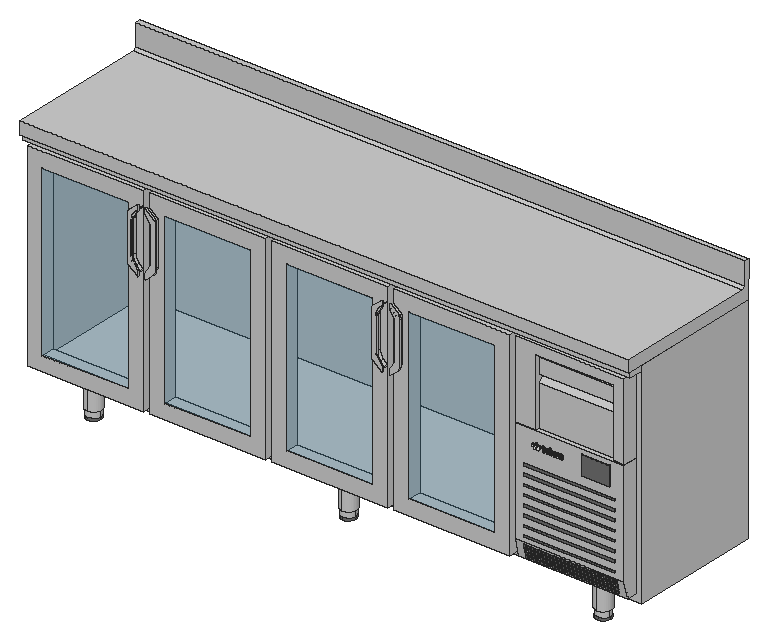
Revit family "QF_INFRICO_FMPP2500CR_250812114429", category Specialty Equipment, Revit 2021 (continued)
Definition of nested family "QF_INFRICO_FMPPCR_DOOR_SX_7315"
  Parameters (values of type "PUE17IIFM")
    Assembly Code = "E1090320"
    Accessory [instance] = yes
  Types (2, lengths in mm): name | Model | Description
    FMPPCR_DOOR_SX | "FMPPCR_DOOR_SX" | "LEFT DOOR"
    PUE17IIFM | "PUE17IIFM" | "GLASS DOORS UNIT - LEFT DOOR"
  Reference planes
    plane 1 "Back": y = 0
    plane 2: z = 0
    plane 3 "Left": x = 0
    plane 4 "Right": x = 467
    plane 5 "Front": y = -54
    plane 6 "Top": z = 797
  Forms (mm)
    Extrusion 1, solid
      sketch origin (981.03, 638.058, 31.708) x (-1, 0, 0) y (0, 0, -1)
        loop
          line (518.816, -723.04) -> (552.274, -694.965)
          arc (552.274, -694.965) -> (556.597, -689.332) -> (558.134, -682.399) r 16.404
          line (558.134, -682.399) -> (558.134, -507.408)
          arc (558.134, -507.408) -> (556.597, -500.476) -> (552.274, -494.842) r 16.404
          line (552.274, -494.842) -> (518.816, -466.767) -> (515.53, -466.767) -> (515.53, -486.767) -> (535.322, -518.029)
          arc (535.322, -518.029) -> (536.599, -520.779) -> (537.13, -523.765) r 11.743
          line (537.13, -523.765) -> (537.13, -666.043)
          arc (537.13, -666.043) -> (536.599, -669.028) -> (535.322, -671.778) r 11.743
          line (535.322, -671.778) -> (515.53, -703.04) -> (515.53, -723.04) -> (518.816, -723.04)
      from 713.68 to 715.78
    Extrusion 2, solid
      sketch origin (-21.902, 638.058, 31.708) x (1, 0, 0) y (0, 0, 1)
        loop
          arc (471.131, 498.425) -> (461.192, 513.299) -> (457.702, 530.845) r 45.85
          line (457.702, 530.845) -> (457.702, 659.546)
          arc (457.702, 659.546) -> (461.192, 677.092) -> (471.131, 691.967) r 45.85
          line (471.131, 691.967) -> (487.402, 708.237) -> (487.402, 711.202) -> (457.988, 686.521)
          arc (457.988, 686.521) -> (456.67, 684.804) -> (456.202, 682.691) r 5
          line (456.202, 682.691) -> (456.202, 507.7)
          arc (456.202, 507.7) -> (456.67, 505.587) -> (457.988, 503.87) r 5
          line (457.988, 503.87) -> (487.402, 479.189) -> (487.402, 482.154) -> (471.131, 498.425)
      from 692.058 to 713.68
    Extrusion 3, solid
      sketch origin (-21.902, 638.058, -168.292) x (0, 1, 0) y (0, 0, 1)
        loop
          line (-692.058, 905.292) -> (-692.058, 228.292) -> (-688.07, 228.292) -> (-688.07, 905.292) -> (-692.058, 905.292)
      from 81.902 to 428.902
    Extrusion 4, solid
      sketch origin (-21.902, 0, -168.292) x (1, 0, 0) y (0, 0, 1)
        loop
          line (21.902, 965.292) -> (21.902, 168.292) -> (488.902, 168.292) -> (488.902, 965.292) -> (21.902, 965.292)
        loop
          line (81.902, 905.292) -> (81.902, 228.292) -> (428.902, 228.292) -> (428.902, 905.292) -> (81.902, 905.292)
      from 0 to 54
    Extrusion 5, solid, visible <- "Show Clearance", detail levels coarse
      sketch origin (0, 0, 0) x (1, 0, 0) y (0, 1, 0)
        loop
          line (0, -54) -> (0, -467) -> (54, -467)
          arc (54, -467) -> (346.035, -346.035) -> (467, -54) r 413
          line (467, -54) -> (0, -54)
      from 0 to 797
  Lines and regions (mm)
    symbolic lines, visible <- "Show Clearance"
      curve 1: line (0, -61.9, 0) -> (0, -467, 0)
      curve 2: line (0, -467, 0) -> (54, -467, 0)
      curve 3: arc (54, -467, 0) -> (343.229, -348.815, 0) -> (466.924, -61.9, 0) r 413
  Dimensions and locks
    plane 4 "Right" to plane 3 "Left" = 467 mm
    plane 6 "Top" to level = 797 mm
    plane 1 "Back" to plane 5 "Front" = 54 mm  (x2)
    plane 3 "Left" to plane 4 "Right" = 467 mm
    aligned and locked: level to plane 2
Definition of nested family "QF_INFRICO_WORKTOP_BACKSPLASH_8123"
  Parameters (values of type "ENC12CPMC10")
    Weight [instance] = 0.00 kg
    Warranty Start Date [instance] = ""
    Warranty Duration [instance] = ""
    URL Cutsheet [instance] = ""
    URL = "www.infrico.com"
    Technical Documentation [instance] = ""
    Tag Number [instance] = ""
    Status [instance] = ""
    Specification by User [instance] = ""
    Specification by Manufacturer [instance] = ""
    Sound Level [instance] = ""
    Solid Fuel Type [instance] = ""
    Show Logo [instance] = yes
    Show Clearances [instance] = yes
    Show Clearance [instance] = yes
    Service Life Duration [instance] = ""
    Serial Number [instance] = ""
    Seismic Rating [instance] = ""
    SMACNA No [instance] = ""
    Revision Code [instance] = ""
    Revision [instance] = ""
    Production Year [instance] = ""
    Point Load [instance] = 0
    Other Equipment Approvals [instance] = ""
    NAFEM Spec ID Number [instance] = ""
    Model Warning [instance] = ""
    Model = "ENC12CPGN19"
    Masterspec [instance] = ""
    Manufacturer = "INFRICO"
    Length Actual [instance] = 0 mm
    Length = 1000 mm
    Item Number [instance] = ""
    Installed By [instance] = ""
    Installation Date [instance] = ""
    Identify Quantity as Lot [instance] = yes
    ID [instance] = ""
    Hygiene Approval [instance] = ""
    Height Actual [instance] = 0 mm
    Furnished By [instance] = ""
    Foodservice Equipment Identifier [instance] = yes
    ETL Approved [instance] = yes
    Description = "WORKTOP WITH BACKSPLASH"
    Depth Actual [instance] = 0 mm
    Depth = 600 mm
    Default Elevation = 0 mm
    CSI MasterFormat [instance] = ""
    CE Approved [instance] = yes
    Barcode [instance] = ""
    Author [instance] = ""
    Asset Identifier [instance] = ""
    Assembly Code = "E1090320"
    Accessory [instance] = yes
  Types (30, lengths in mm): name | Model | Length | Description | Depth
    ENC12CPGN19 | "ENC12CPGN19" | 1960 | "WORKTOP WITH BACKSPLASH" | 700
    ENC12CPGN14 | "ENC12CPGN14" | 1468 | "WORKTOP WITH BACKSPLASH" | 700
    ENC12CPGN24 | "ENC12CPGN24" | 2452 | "WORKTOP WITH BACKSPLASH" | 700
    ENC12CPGN14R | "ENC12CPGN14R" | 1160 | "WORKTOP WITH BACKSPLASH" | 700
    ENC12CPGN19R | "ENC12CPGN19R" | 1652 | "WORKTOP WITH BACKSPLASH" | 700
    ENC12CPGN24R | "ENC12CPGN24R" | 2144 | "WORKTOP WITH BACKSPLASH" | 700
    ENC12CPBM20 | "ENC12CPBM20" | 1960 | "WORKTOP WITH BACKSPLASH" | 600
    ENC12CPBM15 | "ENC12CPBM15" | 1468 | "WORKTOP WITH BACKSPLASH" | 600
    ENC12CPBM25 | "ENC12CPBM25" | 2452 | "WORKTOP WITH BACKSPLASH" | 600
    ENC12CPBM15R | "ENC12CPBM15R" | 1160 | "WORKTOP WITH BACKSPLASH" | 600
    ENC12CPBM20R | "ENC12CPBM20R" | 1652 | "WORKTOP WITH BACKSPLASH" | 600
    ENC12CPBM25R | "ENC12CPBM25R" | 2144 | "WORKTOP WITH BACKSPLASH" | 600
    ENC12CPME10 | "ENC12CPME10" | 978 | "WORKTOP WITH BACKSPLASH" | 700
    ENC12CPME14 | "ENC12CPME14" | 1460 | "WORKTOP WITH BACKSPLASH" | 700
    ENC12CPMC8 | "ENC12CPGN19" | 820 | "WORKTOP WITH BACKSPLASH" | 600
    ENC12CPMC10 | "ENC12CPGN19" | 1000 | "WORKTOP WITH BACKSPLASH" | 600
    ENC12CPMC15 | "ENC12CPGN19" | 1468 | "WORKTOP WITH BACKSPLASH" | 600
    BKSP10_30 | "BKSP10_30" | 1000 | "WORKTOP WITH BACKSPLASH 1000_300" | 300
    BKSP15_60 | "BKSP15_60" | 1468 | "WORKTOP WITH BACKSPLASH 1500_600" | 600
    BKSP15_30 | "BKSP15_30" | 1468 | "WORKTOP WITH BACKSPLASH 1500_300" | 300
    BKSP20_30 | "BKSP20_30" | 1960 | "WORKTOP WITH BACKSPLASH 2000_300" | 300
    BKSP20_60 | "BKSP20_60" | 1960 | "WORKTOP WITH BACKSPLASH 2000_600" | 600
    BKSP10_60 | "BKSP10_60" | 1000 | "WORKTOP WITH BACKSPLASH 1000_600" | 600
    BKSP10_70_MT | "BKSP10_70_MT" | 1000 | "WORKTOP WITH BACKSPLASH 1000_700" | 700
    BKSP15_60_MT | "BKSP15_60_MT" | 1500 | "WORKTOP WITH BACKSPLASH 1500_600" | 600
    BKSP15_70_MT | "BKSP15_70_MT" | 1500 | "WORKTOP WITH BACKSPLASH 1500_700" | 700
    BKSP20_60_MT | "BKSP20_60_MT" | 2000 | "WORKTOP WITH BACKSPLASH 2000_600" | 600
    BKSP20_70_MT | "BKSP20_70_MT" | 2000 | "WORKTOP WITH BACKSPLASH 2000_700" | 700
    BKSP25_30 | "BKSP25_30" | 2452 | "WORKTOP WITH BACKSPLASH 2500_300" | 300
    BKSP25_60 | "BKSP25_60" | 2452 | "WORKTOP WITH BACKSPLASH 2500_600" | 600
  Reference planes
    plane 1 "Back": y = 0
    plane 2: z = 0
    plane 3 "Left": x = 0
    plane 4 "Right": x = 1000
    plane 5 "Front": y = -600
    plane 6 "Top": z = 150.03
  Forms (mm)
    Extrusion 1, solid
      sketch origin (0, 0, -660) x (0, 1, 0) y (0, 0, 1)
        loop
          line (0, 660) -> (0, 810.03) -> (-20, 810.03) -> (-20, 720.071) -> (-30.071, 710) -> (-600, 710) -> (-600, 660) -> (0, 660)
      from 0 to 1000
  Lines and regions (mm)
    symbolic lines
      curve 1: line (0, -600, 0) -> (1000, -600, 0)
      curve 2: line (0, 0, 0) -> (0, -600, 0)
      curve 3: line (1000, -600, 0) -> (1000, 0, 0)
      curve 4: line (1000, 0, 0) -> (0, 0, 0)
      curve 5: line (0, -20, 0) -> (1000, -20, 0)
  Dimensions and locks
    plane 6 "Top" to level = 150.03 mm
    plane 4 "Right" to plane 3 "Left" = 1000 mm
    "Length": plane 3 "Left" to plane 4 "Right"
    "Depth": plane 5 "Front" to plane 1 "Back"
    aligned and locked: level to plane 2
    aligned and locked: Extrusion 1 to plane 4 "Right"
  Automatic sketch dimensions
    curve 1 to plane 3 "Left" = 0 mm
    plane 1 "Back" to curve 4 = 0 mm
    curve 4 to plane 4 "Right" = 0 mm
    curve 1 to plane 5 "Front" = 0 mm
    plane 1 "Back" to curve 5 = 20 mm
    Extrusion 1 sketch curve to level = 0 mm
    Extrusion 1 sketch curve to plane 5 "Front" = 0 mm
    Extrusion 1 sketch curve to plane 6 "Top" = 0 mm
    Extrusion 1 sketch curve to plane 1 "Back" = 0 mm
    plane 1 "Back" to Extrusion 1 sketch curve = 30.071 mm
    Extrusion 1 sketch curve to Extrusion 1 sketch curve = 10.071 mm  (x2)
    level to Extrusion 1 sketch curve = 50 mm
Definition of nested family "QF_INFRICO_LEGS_8959"
  Parameters (values of type "LEGS_2190_740")
    Weight [instance] = 0.00 kg
    Warranty Start Date [instance] = ""
    Warranty Duration [instance] = ""
    URL Cutsheet [instance] = ""
    URL = "www.infrico.com"
    Technical Documentation [instance] = ""
    Tag Number [instance] = ""
    Status [instance] = ""
    Specification by User [instance] = ""
    Specification by Manufacturer [instance] = ""
    Sound Level [instance] = ""
    Solid Fuel Type [instance] = ""
    Show Logo [instance] = yes
    Show Clearances [instance] = yes
    Show Clearance [instance] = yes
    Service Life Duration [instance] = ""
    Serial Number [instance] = ""
    Seismic Rating [instance] = ""
    SMACNA No [instance] = ""
    Revision Code [instance] = ""
    Revision [instance] = ""
    Production Year [instance] = ""
    Point Load [instance] = 0
    Other Equipment Approvals [instance] = ""
    NAFEM Spec ID Number [instance] = ""
    Model Warning [instance] = ""
    Model = "LEGS_2190_740"
    Masterspec [instance] = ""
    Manufacturer = "INFRICO"
    Length Actual [instance] = 0 mm
    Length = 2185 mm
    Item Number [instance] = ""
    Installed By [instance] = ""
    Installation Date [instance] = ""
    Identify Quantity as Lot [instance] = yes
    ID [instance] = ""
    Hygiene Approval [instance] = ""
    Height Actual [instance] = 0 mm
    Height = 140 mm
    Furnished By [instance] = ""
    Foodservice Equipment Identifier [instance] = yes
    ETL Approved [instance] = yes
    Description = "LEGS"
    Depth Actual [instance] = 0 mm
    Depth = 738 mm
    Default Elevation = 0 mm
    CentralLegs = if(or(Length > 2200 mm, Length = 2144 mm), 2 > 1, 2 < 1)  # no
    CSI MasterFormat [instance] = ""
    CE Approved [instance] = yes
    Barcode [instance] = ""
    Author [instance] = ""
    Asset Identifier [instance] = ""
    Assembly Code = "E1090320"
    Accessory [instance] = yes
  Types (29, lengths in mm): name | Model | Length | Height | Depth | CentralLegs
    LEGS_1960_700 | "LEGS_1960_700" | 1960 | 140 | 700 | no
    LEGS_1470_700 | "LEGS_1470_700" | 1468 | 140 | 700 | no
    LEGS_2450_700 | "LEGS_2450_700" | 2452 | 140 | 700 | yes
    LEGS_1470_600 | "LEGS_1470_600" | 1468 | 140 | 600 | no
    LEGS_1960_600 | "LEGS_1960_600" | 1960 | 140 | 600 | no
    LEGS_2450_600 | "LEGS_2450_600" | 2452 | 140 | 600 | yes
    LEGS_1610_800 | "LEGS_1610_800" | 1618 | 140 | 800 | no
    LEGS_2190_800 | "LEGS_2190_800" | 2185 | 140 | 800 | no
    LEGS_2750_800 | "LEGS_2750_800" | 2752 | 140 | 800 | yes
    LEGS_1160_700 | "LEGS_1160_700" | 1160 | 140 | 700 | no
    LEGS_1650_700 | "LEGS_1650_700" | 1652 | 140 | 700 | no
    LEGS_2140_700 | "LEGS_2140_700" | 2144 | 140 | 700 | yes
    LEGS_1960_640 | "LEGS_1960_640" | 1960 | 140 | 638 | no
    LEGS_1470_640 | "LEGS_1470_640" | 1468 | 140 | 638 | no
    LEGS_1160_600 | "LEGS_1160_600" | 1160 | 140 | 600 | no
    LEGS_1650_600 | "LEGS_1650_600" | 1652 | 140 | 600 | no
    LEGS_1310_800 | "LEGS_1310_800" | 1310 | 140 | 800 | no
    LEGS_1890_800 | "LEGS_1890_800" | 1877 | 140 | 800 | no
    LEGS_2440_800 | "LEGS_2440_800" | 2444 | 140 | 800 | yes
    LEGS_1610_740 | "LEGS_1610_740" | 1618 | 140 | 738 | no
    LEGS_2190_740 | "LEGS_2190_740" | 2185 | 140 | 738 | no
    LEGS_2140_600 | "LEGS_2140_600" | 2144 | 140 | 600 | yes
    LEGS_980_800 | "LEGS_980_800" | 980 | 150 | 800 | no
    LEGS_1470_800 | "LEGS_1470_800" | 1468 | 150 | 800 | no
    LEGS_1740_800 | "LEGS_1740_800" | 1738 | 140 | 800 | no
    LEGS_2300_800 | "LEGS_2300_800" | 2305 | 140 | 800 | yes
    LEGS_1690_800 | "LEGS_1690_800" | 1693 | 140 | 800 | no
    LEGS_2260_800 | "LEGS_2260_800" | 2260 | 140 | 800 | yes
    LEGS_1460_700 | "LEGS_1460_700" | 1460 | 140 | 700 | no
  Reference planes
    plane 1 "Back": y = 0
    plane 2: z = 0
    plane 3 "Left": x = 0
    plane 4 "Right": x = 2185
    plane 5 "Front": y = -738
    plane 6 "Top": z = 140
    plane 7 "Central": x = 1092.5
  Forms (mm)
    Extrusion 1, solid
      sketch origin (0, 0, 140) x (0, 1, 0) y (-1, 0, 0)
        loop
          line (-568, -154.986) -> (-668, -154.986) -> (-668, -244.986) -> (-568, -244.986) -> (-568, -154.986)
      from 0 to -3
    Extrusion 2, solid
      sketch origin (0, 0, 0) x (1, 0, 0) y (0, 1, 0)
        loop
          circle (199.986, -618) r 28
      from 9 to 35
    Extrusion 3, solid
      sketch origin (0, 0, 0) x (1, 0, 0) y (0, 1, 0)
        loop
          circle (199.986, -618) r 28.5
      from 0 to 9
    Sweep 4, solid
      path origin (0, 0, 0) x (0, 1, 0) y (0, 0, 1)
        loop
          line (-618, 35) -> (-618, 137)
      profile origin (0, -618, 86) x (0, -1, 0) y (1, 0, 0)
        loop
          circle (0, 199.986) r 32
    Extrusion 5, solid
      sketch origin (0, 500, 140) x (0, 1, 0) y (-1, 0, 0)
        loop
          line (-530, -154.986) -> (-630, -154.986) -> (-630, -244.986) -> (-530, -244.986) -> (-530, -154.986)
      from 0 to -3
    Extrusion 6, solid
      sketch origin (0, 500, 0) x (1, 0, 0) y (0, 1, 0)
        loop
          circle (199.986, -580) r 28
      from 9 to 35
    Extrusion 7, solid
      sketch origin (0, 500, 0) x (1, 0, 0) y (0, 1, 0)
        loop
          circle (199.986, -580) r 28.5
      from 0 to 9
    Sweep 8, solid
      path origin (0, 500, 0) x (0, 1, 0) y (0, 0, 1)
        loop
          line (-580, 35) -> (-580, 137)
      profile origin (0, -80, 86) x (0, -1, 0) y (1, 0, 0)
        loop
          circle (0, 199.986) r 32
    Extrusion 9, solid
      sketch origin (1560, 0, 140) x (0, 1, 0) y (-1, 0, 0)
        loop
          line (-568, -379.986) -> (-668, -379.986) -> (-668, -469.986) -> (-568, -469.986) -> (-568, -379.986)
      from 0 to -3
    Extrusion 10, solid
      sketch origin (1560, 0, 0) x (1, 0, 0) y (0, 1, 0)
        loop
          circle (424.986, -618) r 28
      from 9 to 35
    Extrusion 11, solid
      sketch origin (1560, 0, 0) x (1, 0, 0) y (0, 1, 0)
        loop
          circle (424.986, -618) r 28.5
      from 0 to 9
    Sweep 12, solid
      path origin (2185, 0, 0) x (0, -1, 0) y (0, 0, 1)
        loop
          line (618, 35) -> (618, 137)
      profile origin (2185, -618, 86) x (0, 1, 0) y (-1, 0, 0)
        loop
          circle (0, 199.986) r 32
    Extrusion 13, solid
      sketch origin (1560, 500, 140) x (0, 1, 0) y (-1, 0, 0)
        loop
          line (-530, -379.986) -> (-630, -379.986) -> (-630, -469.986) -> (-530, -469.986) -> (-530, -379.986)
      from 0 to -3
    Extrusion 14, solid
      sketch origin (1560, 500, 0) x (1, 0, 0) y (0, 1, 0)
        loop
          circle (424.986, -580) r 28
      from 9 to 35
    Extrusion 15, solid
      sketch origin (1560, 500, 0) x (1, 0, 0) y (0, 1, 0)
        loop
          circle (424.986, -580) r 28.5
      from 0 to 9
    Sweep 16, solid
      path origin (2185, 0, 0) x (0, -1, 0) y (0, 0, 1)
        loop
          line (80, 35) -> (80, 137)
      profile origin (2185, -80, 86) x (0, 1, 0) y (-1, 0, 0)
        loop
          circle (0, 199.986) r 32
    Extrusion 17, solid, visible <- "CentralLegs"
      sketch origin (534.014, 0, 140) x (0, 1, 0) y (-1, 0, 0)
        loop
          line (-568, -513.486) -> (-668, -513.486) -> (-668, -603.486) -> (-568, -603.486) -> (-568, -513.486)
      from 0 to -3
    Extrusion 18, solid, visible <- "CentralLegs"
      sketch origin (534.014, 0, 0) x (1, 0, 0) y (0, 1, 0)
        loop
          circle (558.486, -618) r 28
      from 9 to 35
    Extrusion 19, solid, visible <- "CentralLegs"
      sketch origin (534.014, 0, 0) x (1, 0, 0) y (0, 1, 0)
        loop
          circle (558.486, -618) r 28.5
      from 0 to 9
    Sweep 20, solid, visible <- "CentralLegs"
      path origin (1092.5, 0, 0) x (0, -1, 0) y (0, 0, 1)
        loop
          line (618, 35) -> (618, 137)
      profile origin (1092.5, -618, 86) x (0, 1, 0) y (-1, 0, 0)
        loop
          circle (0, -0.014) r 32
    Extrusion 21, solid, visible <- "CentralLegs"
      sketch origin (534.014, 500, 140) x (0, 1, 0) y (-1, 0, 0)
        loop
          line (-530, -513.486) -> (-630, -513.486) -> (-630, -603.486) -> (-530, -603.486) -> (-530, -513.486)
      from 0 to -3
    Extrusion 22, solid, visible <- "CentralLegs"
      sketch origin (534.014, 500, 0) x (1, 0, 0) y (0, 1, 0)
        loop
          circle (558.486, -580) r 28
      from 9 to 35
    Extrusion 23, solid, visible <- "CentralLegs"
      sketch origin (534.014, 500, 0) x (1, 0, 0) y (0, 1, 0)
        loop
          circle (558.486, -580) r 28.5
      from 0 to 9
    Sweep 24, solid, visible <- "CentralLegs"
      path origin (1092.5, 0, 0) x (0, -1, 0) y (0, 0, 1)
        loop
          line (80, 35) -> (80, 137)
      profile origin (1092.5, -80, 86) x (0, 1, 0) y (-1, 0, 0)
        loop
          circle (0, -0.014) r 32
  Dimensions and locks
    "Length": plane 3 "Left" to plane 4 "Right"
    "Depth": plane 1 "Back" to plane 5 "Front"
    "Height": plane 6 "Top" to plane 2
    equal spacing: plane 3 "Left", plane 7 "Central", plane 4 "Right"
    locked: Sweep 20 sketch curve to profile plane at 0.014
    locked: Sweep 24 sketch curve to profile plane at 0.014
    aligned and locked: level to plane 2
  Automatic sketch dimensions
    plane 5 "Front" to Extrusion 1 sketch curve = 70 mm
    Extrusion 1 sketch curve to Extrusion 1 sketch curve = 100 mm
    plane 3 "Left" to Extrusion 1 sketch curve = 244.986 mm
    Extrusion 1 sketch curve to Extrusion 1 sketch curve = 90 mm
    plane 3 "Left" to Extrusion 2 sketch curve = 199.986 mm
    plane 5 "Front" to Extrusion 2 sketch curve = 120 mm
    plane 3 "Left" to Extrusion 3 sketch curve = 199.986 mm
    plane 5 "Front" to Extrusion 3 sketch curve = 120 mm
    Sweep 4 sketch curve to plane 6 "Top" = 3 mm
    plane 5 "Front" to Sweep 4 sketch curve = 120 mm
    level to Sweep 4 sketch curve = 35 mm
    Sweep 4 sketch curve to profile plane = 0 mm
    plane 3 "Left" to Sweep 4 sketch curve = 199.986 mm
    plane 1 "Back" to Extrusion 5 sketch curve = 130 mm
    plane 1 "Back" to Extrusion 5 sketch curve = 30 mm
    plane 3 "Left" to Extrusion 5 sketch curve = 244.986 mm
    Extrusion 5 sketch curve to Extrusion 5 sketch curve = 90 mm
    plane 1 "Back" to Extrusion 6 sketch curve = 80 mm
    plane 3 "Left" to Extrusion 6 sketch curve = 199.986 mm
    plane 1 "Back" to Extrusion 7 sketch curve = 80 mm
    plane 3 "Left" to Extrusion 7 sketch curve = 199.986 mm
    Sweep 8 sketch curve to plane 6 "Top" = 3 mm
    plane 1 "Back" to Sweep 8 sketch curve = 80 mm
    level to Sweep 8 sketch curve = 35 mm
    Sweep 8 sketch curve to profile plane = 0 mm
    plane 3 "Left" to Sweep 8 sketch curve = 199.986 mm
    plane 5 "Front" to Extrusion 9 sketch curve = 70 mm
    Extrusion 9 sketch curve to Extrusion 9 sketch curve = 100 mm
    plane 4 "Right" to Extrusion 9 sketch curve = 155.014 mm
    Extrusion 9 sketch curve to Extrusion 9 sketch curve = 90 mm
    plane 4 "Right" to Extrusion 10 sketch curve = 200.014 mm
    plane 5 "Front" to Extrusion 10 sketch curve = 120 mm
    plane 4 "Right" to Extrusion 11 sketch curve = 200.014 mm
    plane 5 "Front" to Extrusion 11 sketch curve = 120 mm
    Sweep 12 sketch curve to profile plane = 0 mm
    profile plane to Sweep 12 sketch curve = 199.986 mm
    plane 1 "Back" to Extrusion 13 sketch curve = 130 mm
    plane 1 "Back" to Extrusion 13 sketch curve = 30 mm
    plane 4 "Right" to Extrusion 13 sketch curve = 155.014 mm
    Extrusion 13 sketch curve to Extrusion 13 sketch curve = 90 mm
    plane 1 "Back" to Extrusion 14 sketch curve = 80 mm
    plane 4 "Right" to Extrusion 14 sketch curve = 200.014 mm
    plane 1 "Back" to Extrusion 15 sketch curve = 80 mm
    plane 4 "Right" to Extrusion 15 sketch curve = 200.014 mm
    Sweep 16 sketch curve to profile plane = 0 mm
    profile plane to Sweep 16 sketch curve = 199.986 mm
    plane 5 "Front" to Extrusion 17 sketch curve = 70 mm
    Extrusion 17 sketch curve to plane 7 "Central" = 45 mm
    Extrusion 17 sketch curve to Extrusion 17 sketch curve = 100 mm
    plane 7 "Central" to Extrusion 17 sketch curve = 45 mm
    Extrusion 18 sketch curve to plane 7 "Central" = 0 mm
    plane 5 "Front" to Extrusion 18 sketch curve = 120 mm
    Extrusion 19 sketch curve to plane 7 "Central" = 0 mm
    plane 5 "Front" to Extrusion 19 sketch curve = 120 mm
    Sweep 20 sketch curve to profile plane = 0 mm
    plane 7 "Central" to Extrusion 21 sketch curve = 45 mm
    plane 1 "Back" to Extrusion 21 sketch curve = 130 mm
    plane 1 "Back" to Extrusion 21 sketch curve = 30 mm
    Extrusion 21 sketch curve to plane 7 "Central" = 45 mm
    Extrusion 22 sketch curve to plane 7 "Central" = 0 mm
    plane 1 "Back" to Extrusion 22 sketch curve = 80 mm
    Extrusion 23 sketch curve to plane 7 "Central" = 0 mm
    plane 1 "Back" to Extrusion 23 sketch curve = 80 mm
    Sweep 24 sketch curve to profile plane = 0 mm
    Sweep 16 sketch curve to plane 6 "Top" = 3 mm
    plane 1 "Back" to Sweep 16 sketch curve = 80 mm
    level to Sweep 16 sketch curve = 35 mm
    Sweep 12 sketch curve to plane 6 "Top" = 3 mm
    plane 5 "Front" to Sweep 12 sketch curve = 120 mm
    level to Sweep 12 sketch curve = 35 mm
    Sweep 20 sketch curve to plane 6 "Top" = 3 mm
    plane 5 "Front" to Sweep 20 sketch curve = 120 mm
    level to Sweep 20 sketch curve = 35 mm
    Sweep 24 sketch curve to plane 6 "Top" = 3 mm
    plane 1 "Back" to Sweep 24 sketch curve = 80 mm
    level to Sweep 24 sketch curve = 35 mm
    radius of Extrusion 2 sketch curve = 28 mm
    radius of Extrusion 3 sketch curve = 28.5 mm
    radius of Sweep 4 sketch curve = 32 mm
    radius of Extrusion 6 sketch curve = 28 mm
    radius of Extrusion 7 sketch curve = 28.5 mm
    radius of Sweep 8 sketch curve = 32 mm
    radius of Extrusion 10 sketch curve = 28 mm
    radius of Extrusion 11 sketch curve = 28.5 mm
    radius of Sweep 12 sketch curve = 32 mm
    radius of Extrusion 14 sketch curve = 28 mm
    radius of Extrusion 15 sketch curve = 28.5 mm
    radius of Sweep 16 sketch curve = 32 mm
    radius of Extrusion 18 sketch curve = 28 mm
    radius of Extrusion 19 sketch curve = 28.5 mm
    radius of Sweep 20 sketch curve = 32 mm
    radius of Extrusion 22 sketch curve = 28 mm
    radius of Extrusion 23 sketch curve = 28.5 mm
    radius of Sweep 24 sketch curve = 32 mm
Definition of nested family "CONN_POINT_DRAIN_2D___Generic_Annotation"
  Parameters (values of type "CONN_POINT_DRAIN_2D___Generic_Annotation")
    Onboard connection annotation symbol visibility [instance] = yes
  Reference planes
    plane 1: y = 0
    plane 2: x = 0
  Lines and regions (mm)
    detail lines, visible <- "Onboard connection annotation symbol visibility"
      curve 1: circle (0, 0, 0) r 0.5 normal (0, 0, 1)
      curve 2: line (-1, 0, 0) -> (1, 0, 0)
      curve 3: line (0, 1, 0) -> (0, -1, 0)
      curve 4: line (1.776, 1, 0) -> (1.25, 1, 0)
      curve 5: line (1.25, 1, 0) -> (1.25, -1, 0)
      curve 6: line (1.25, -1, 0) -> (1.776, -1, 0)
      curve 7: arc (2.206, -0.862, 0) -> (2.459, -0.589, 0) -> (2.583, -0.238, 0) r 0.918
      curve 8: arc (2.583, 0.238, 0) -> (2.459, 0.589, 0) -> (2.206, 0.862, 0) r 0.918
      curve 9: arc (2.583, -0.238, 0) -> (2.599, 0, 0) -> (2.583, 0.238, 0) r 1.77
      curve 10: arc (2.206, 0.862, 0) -> (2.002, 0.965, 0) -> (1.776, 1, 0) r 0.741
      curve 11: arc (1.776, -1, 0) -> (2.002, -0.965, 0) -> (2.206, -0.862, 0) r 0.741
Definition of nested family "CONN_POINT_ELE_2D___Generic_Annotation"
  Parameters (values of type "CONN_POINT_ELE_2D___Generic_Annotation")
    Onboard connection annotation symbol visibility [instance] = yes
  Reference planes
    plane 1: y = 0
    plane 2: x = 0
  Lines and regions (mm)
    detail lines, visible <- "Onboard connection annotation symbol visibility"
      curve 1: circle (0, 0, 0) r 0.5 normal (0, 0, 1)
      curve 2: line (-1, 0, 0) -> (1, 0, 0)
      curve 3: line (0, 1, 0) -> (0, -1, 0)
      curve 4: line (2.5, 1, 0) -> (1.25, 1, 0)
      curve 5: line (1.25, 1, 0) -> (1.25, -1, 0)
      curve 6: line (1.25, -1, 0) -> (2.5, -1, 0)
      curve 7: line (1.25, 0, 0) -> (2, 0, 0)
